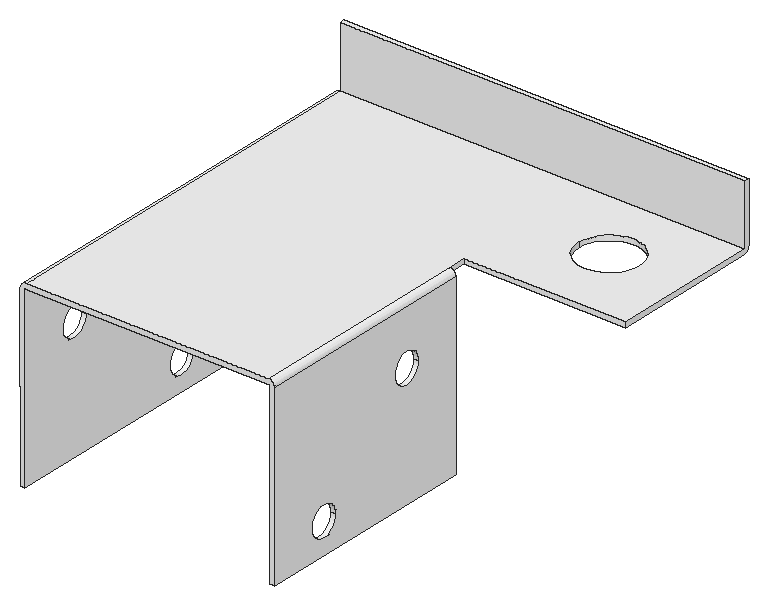
Revit family "newsqhanger", category 機械設備, Revit 2020
Family settings
  丸型コネクタ寸法 = 直径を使用
  種別 = なし
  パーツ タイプ = 標準
  作業面ベース = いいえ
  常に垂直 = はい
  ロード時にボイドで切り取り = いいえ
  共有 = いいえ
  部屋計算ポイント = いいえ
Parameters
  製造元 = "株式会社桐井製作所"
  既定の高さ = 0 mm
  URL = "https://www.kirii.co.jp/"
  K_材質 = "溶融亜鉛めっき鋼板"
  K_品名 = "新SQハンガー"
  K_名称 = "SQ-BAR関連部材"
  K_入数 = "240"
  K_バージョン情報 = "20210524"
Reference planes
  plane 1 "中心(正面/背面)": y = 0
  plane 2: z = 0
  plane 3 "中心(左/右)": x = 0
Forms (mm)
  Extrusion 1, void
    sketch origin (0, 0, 0) x (1, 0, 0) y (0, 1, 0)
      loop
        line (8.8, 19.2) -> (8.8, -20.8) -> (35.25, -20.8) -> (35.25, 19.2) -> (8.8, 19.2)
    from 0 to 0.8
  Extrusion 2, solid
    sketch origin (-11, 14.25, 0) x (1, 0, 0) y (0, 0, 1)
      loop
        arc (20.8, -0.2) -> (20.507, 0.507) -> (19.8, 0.8) r 1
        line (19.8, 0.8) -> (18.952, 0.8) -> (18.952, 0) -> (20, 0) -> (20, -29.2) -> (20.8, -29.2) -> (20.8, -0.2)
    from -1.95 to 35.05
  Extrusion 3, solid
    sketch origin (0, 0, 0) x (1, 0, 0) y (0, 0, 1)
      loop
        line (-31, -29.2) -> (-31, 0) -> (35.2, 0) -> (35.2, 0.8) -> (-30.8, 0.8)
        arc (-30.8, 0.8) -> (-31.507, 0.507) -> (-31.8, -0.2) r 1
        line (-31.8, -0.2) -> (-31.8, -29.2) -> (-31, -29.2)
    from -43.4 to 20.8
  Extrusion 4, void
    sketch origin (0, 0, 0) x (1, 0, 0) y (0, 1, 0)
      loop
        circle (22.55, 31.7) r 5
    from 0 to 0.8
  Extrusion 5, void
    sketch origin (0, 0, 0) x (0, 1, 0) y (0, 0, 1)
      loop
        circle (33.3, -9.155) r 2.5
      loop
        circle (11.2, -24.2) r 2.5
      loop
        circle (-10.7, -9.175) r 2.5
    from -32 to -30.75
  Extrusion 6, solid
    sketch origin (0, 22.498, 0) x (0, -1, 0) y (0, 0, -1)
      loop
        line (-21.8, -10.8) -> (-21, -10.8) -> (-21, -0.8) -> (-19.322, -0.8) -> (-19.322, 0) -> (-20.8, 0)
        arc (-20.8, 0) -> (-21.507, -0.293) -> (-21.8, -1) r 1
        line (-21.8, -1) -> (-21.8, -10.8)
    from -30.893 to 35.25
  Extrusion 7, void
    sketch origin (0, 0, 0) x (0, 1, 0) y (0, 0, 1)
      loop
        circle (6.2, -9.2) r 2.5
      loop
        circle (-10.8, -24.2) r 2.5
    from 9 to 9.8
Cuts and joins
  Extrusion 4, Extrusion 5, Extrusion 7 cuts Extrusion 2
  Extrusion 1, Extrusion 4, Extrusion 5, Extrusion 7 cuts Extrusion 3
  joined: Extrusion 2, Extrusion 3, Extrusion 6
Dimensions and locks
  aligned and locked: level to plane 2
